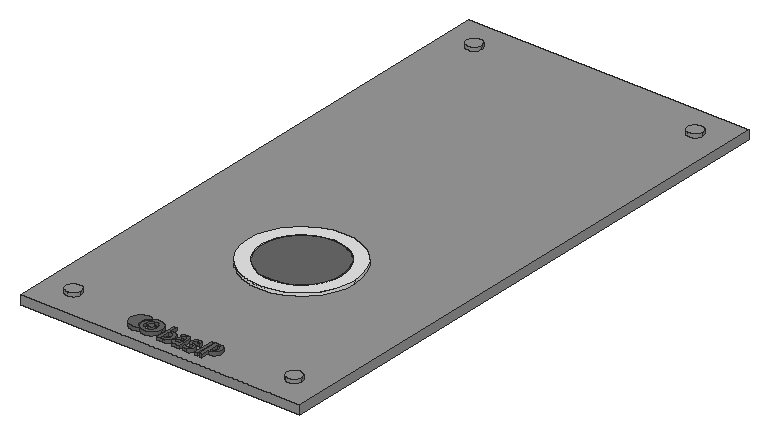
Revit family "SH-46T", category Устройства связи, Revit 2022
Family settings
  Размер круглого соединителя = Использовать диаметр
  Тип детали = Нормальный
  На основе рабочей плоскости = Да
  Всегда вертикально = Нет
  При загрузке вырезать с полостями = Нет
  Сохранять ориентацию аннотаций = Нет
  Общий = Да
  Точка принадлежности помещению = Нет
Parameters (values of type "SH-46T")
  Расстояние срабатывания = "До 15 - 25 см (в зависимости от внешних условий)"
  Емблеми/надписи = "Бесконтактный звонок с возможностью нанесения гравировки на лицевой панели"
  Дополнительно = "Возможность изменения (переключения) цвета подсветки, триггерный режим"
  Температурный режим = "-27 – +60 °C"
  Кронштейн для врезного монтажа = "Есть"
  Допустимая влажность = "10% – 94%"
  Корпус = "Алюминий"
  Степень защиты = "IP68"
  Default Elevation = 0 mm
  Описание = "BAS-IP SH-46T — беcконтактный дверной звонок для подключения к видео или аудио домофону"
  Размеры = "95×190×19,5 мм"
  Материал корпуса = Материал серый
  Цвет = "Black, Silver"
  Ресурс работы = "Более 100 миллионов нажатий"
  Изображение типоразмера = <Нет>
  Изготовитель = "BAS-IP"
  Тип кнопки = "Бесконтактная"
  Группа модели = "Кнопка звонка бесконтактная SH-46T"
  Напряжение питания = "+12В (+1%, - 15%)"
  URL = "https://www.bas-ip.ru"
  Email разработчика семейства = "lytvynchukartur@gmail.com"
  BIM library = "https://bimlib.ru/manufacturer/"
  ADSK_Размер_Ширина = 95 mm
  ADSK_Размер_Толщина = 19.5 mm
  ADSK_Размер_Длина = 190 mm
  ADSK_Примечание = ""
  ADSK_Полная мощность = 0.5 VA  # constant formula
  ADSK_Позиция = ""
  ADSK_Обозначение = ""
  ADSK_Номинальная мощность = 0.5 W
  ADSK_Напряжение = 12 V
  ADSK_Наименование краткое = "SH-46T"
  ADSK_Наименование = "Кнопка звонка бесконтактная SH-46T"
  ADSK_Масса_Текст = ""
  ADSK_Марка = "SH-46T"
  ADSK_Коэффициент мощности = 0.9
  ADSK_Количество фаз = 1
  ADSK_Код изделия = ""
  ADSK_Классификация нагрузок = Кнопка звонка бесконтактная
  ADSK_Зона = ""
  ADSK_Завод-изготовитель = "BAS-IP"
  ADSK_Единица измерения = "шт"
  ADSK_Версия Revit = "Revit 2020"  # constant formula
  ADSK_URL страницы изделия = "https://www.bas-ip.ru/sh-46t/"
  ADSK_URL документации изделия = "http://cdn.bas-ip.com/files/datasheets_ru/SH-46T_ru.pdf"
Reference planes
  plane 1 "По центру (Вперед/Назад)": y = 0
  plane 2: z = 0
  plane 3 "По центру (Влево/Вправо)": x = 0
Forms (mm)
  Extrusion 1, solid, material "Материал серый" <- "Материал корпуса", detail levels medium+fine
    sketch origin (933.615, -366.161, 72) x (1, 0, 0) y (0, 1, 0)
      loop
        line (-981.115, 461.161) -> (-981.115, 271.161) -> (-886.115, 271.161) -> (-886.115, 461.161) -> (-981.115, 461.161)
    from -72 to -69
  Extrusion 2, solid, material "Материал черный", detail levels medium+fine
    sketch origin (-346.937, 95.454, 76) x (1, 0, 0) y (0, 1, 0)
      loop
        line (355.91, -186.947) -> (356.876, -186.947) -> (356.876, -179.913) -> (355.91, -179.913) -> (355.91, -186.947)
      loop
        line (357.377, -186.947) -> (358.377, -186.947) -> (358.377, -184.451)
        arc (358.377, -184.451) -> (361.041, -182.66) -> (359.379, -179.913) r 2.326
        line (359.379, -179.913) -> (357.377, -179.913) -> (357.377, -186.947)
      loop
        arc (358.377, -183.451) -> (360.221, -182.217) -> (358.377, -180.983) r 1.335
        line (358.377, -180.983) -> (358.377, -183.451)
      loop
        line (342.946, -179.913) -> (342.946, -186.947) -> (344.968, -186.947)
        spline (344.968, -186.947) -> (345.634, -186.72) -> (346.221, -186.353) -> (346.689, -185.871) -> (347.005, -185.307) -> (347.148, -184.699) -> (347.109, -184.089) -> (346.89, -183.519) -> (346.506, -183.026) -> (345.984, -182.646) -> (345.358, -182.403) -> (344.672, -182.314) -> (343.972, -182.385)
        line (343.972, -182.385) -> (343.972, -179.913) -> (342.946, -179.913)
      loop
        line (343.972, -183.426) -> (343.972, -185.927) -> (345.157, -185.927)
        spline (345.157, -185.927) -> (345.542, -185.692) -> (345.86, -185.388) -> (346.09, -185.036) -> (346.217, -184.659) -> (346.23, -184.283) -> (346.13, -183.934) -> (345.923, -183.636) -> (345.624, -183.408) -> (345.252, -183.267) -> (344.834, -183.222) -> (344.397, -183.276) -> (343.972, -183.426)
      loop
        line (354.371, -183.077) -> (354.371, -182.08)
        arc (354.371, -182.08) -> (353.527, -181.636) -> (352.582, -181.765) r 1.562
        arc (352.582, -181.765) -> (351.902, -182.393) -> (351.698, -183.296) r 1.562
        arc (351.698, -183.296) -> (352.118, -184.311) -> (353.134, -184.732) r 1.436
        arc (353.134, -184.732) -> (353.678, -184.957) -> (353.903, -185.501) r 0.769
        arc (353.903, -185.501) -> (353.519, -186.167) -> (352.749, -186.167) r 0.769
        line (352.749, -186.167) -> (351.665, -185.976) -> (351.665, -186.777) -> (353.173, -187.043)
        arc (353.173, -187.043) -> (354.539, -185.977) -> (354.178, -184.282) r 1.634
        line (354.178, -184.282) -> (353.112, -183.956)
        arc (353.112, -183.956) -> (352.563, -183.005) -> (353.595, -182.629) r 0.717
        line (353.595, -182.629) -> (354.371, -183.077)
      loop
        line (350.666, -186.947) -> (350.666, -182.599)
        arc (350.666, -182.599) -> (349.304, -181.597) -> (347.682, -182.073) r 1.905
        arc (347.682, -182.073) -> (347.604, -182.585) -> (348.086, -182.774) r 0.415
        arc (348.086, -182.774) -> (349.009, -182.264) -> (349.931, -182.774) r 1.09
        line (349.931, -182.774) -> (349.931, -183.578) -> (348.501, -183.578)
        arc (348.501, -183.578) -> (347.388, -185.155) -> (348.105, -186.947) r 2.022
        line (348.105, -186.947) -> (350.666, -186.947)
      loop
        line (349.931, -185.927) -> (349.931, -184.364) -> (348.861, -184.364)
        arc (348.861, -184.364) -> (348.08, -185.146) -> (348.861, -185.927) r 0.781
        line (348.861, -185.927) -> (349.931, -185.927)
      loop
        spline (337.212, -183.2) -> (337.246, -183.454) -> (337.345, -183.691) -> (337.502, -183.894) -> (337.707, -184.05) -> (337.946, -184.149) -> (338.203, -184.182) -> (338.459, -184.149) -> (338.698, -184.05) -> (338.903, -183.894) -> (339.061, -183.691) -> (339.159, -183.454) -> (339.193, -183.2)
        spline (339.193, -183.2) -> (339.159, -182.946) -> (339.061, -182.709) -> (338.903, -182.505) -> (338.698, -182.349) -> (338.459, -182.251) -> (338.203, -182.218) -> (337.946, -182.251) -> (337.707, -182.349) -> (337.502, -182.505) -> (337.345, -182.709) -> (337.246, -182.946) -> (337.212, -183.2)
      loop
        spline (336.121, -183.2) -> (336.192, -183.734) -> (336.4, -184.232) -> (336.731, -184.659) -> (337.162, -184.987) -> (337.664, -185.193) -> (338.203, -185.264) -> (338.741, -185.193) -> (339.243, -184.987) -> (339.674, -184.659) -> (340.005, -184.232) -> (340.213, -183.734) -> (340.284, -183.2)
        spline (340.284, -183.2) -> (340.213, -182.666) -> (340.005, -182.168) -> (339.674, -181.741) -> (339.243, -181.413) -> (338.741, -181.206) -> (338.203, -181.136) -> (337.664, -181.206) -> (337.162, -181.413) -> (336.731, -181.741) -> (336.4, -182.168) -> (336.192, -182.666) -> (336.121, -183.2)
      loop
        spline (334.697, -183.2) -> (334.817, -184.089) -> (335.167, -184.917) -> (335.724, -185.628) -> (336.45, -186.173) -> (337.295, -186.516) -> (338.203, -186.633) -> (339.11, -186.516) -> (339.955, -186.173) -> (340.681, -185.628) -> (341.238, -184.917) -> (341.589, -184.089) -> (341.708, -183.2)
        spline (341.708, -183.2) -> (341.589, -182.311) -> (341.238, -181.483) -> (340.681, -180.772) -> (339.955, -180.226) -> (339.11, -179.883) -> (338.203, -179.766) -> (337.295, -179.883) -> (336.45, -180.226) -> (335.724, -180.772) -> (335.167, -181.483) -> (334.817, -182.311) -> (334.697, -183.2)
    from -73 to -72
  Extrusion 3, solid, material "Материал черный", detail levels medium+fine
    sketch origin (-358.225, 95.454, 76) x (1, 0, 0) y (0, 1, 0)
      loop
        spline (347.641, -186.117) -> (347.166, -185.77) -> (346.758, -185.35) -> (346.427, -184.869) -> (346.184, -184.34) -> (346.035, -183.778) -> (345.985, -183.2) -> (346.035, -182.622) -> (346.184, -182.06) -> (346.427, -181.531) -> (346.758, -181.05) -> (347.166, -180.63) -> (347.641, -180.283)
        spline (347.641, -180.283) -> (346.493, -179.836) -> (345.257, -179.807) -> (344.088, -180.199) -> (343.131, -180.965) -> (342.504, -182.008) -> (342.286, -183.2) -> (342.504, -184.391) -> (343.131, -185.435) -> (344.088, -186.201) -> (345.257, -186.593) -> (346.493, -186.564) -> (347.641, -186.117)
    from -73 to -72
  Extrusion 4, solid, material "Материал черный", detail levels medium+fine
    sketch origin (-354.354, 141.19, 76) x (1, 0, 0) y (0, 1, 0)
      loop
        circle (354.354, -176.19) r 13.5
    from -73 to -72
  Extrusion 5, solid, material "Материал серый", detail levels medium+fine
    sketch origin (-406.016, 17.496, 76) x (1, 0, 0) y (0, 1, 0)
      loop
        circle (368.516, -102.496) r 2.5
    from -73 to -72
  Extrusion 6, solid, material "Материал белый", detail levels medium+fine
    sketch origin (-370.695, -154.091, 76) x (1, 0, 0) y (0, 1, 0)
      loop
        circle (370.695, 119.091) r 13.5
      loop
        circle (370.695, 119.091) r 18
    from -73 to -72
  Extrusion 7, solid, material "Материал серый", detail levels medium+fine
    sketch origin (406.016, 17.496, 76) x (-1, 0, 0) y (0, -1, 0)
      loop
        circle (368.516, 102.496) r 2.5
    from -73 to -72
  Extrusion 8, solid, material "Материал серый", detail levels medium+fine
    sketch origin (-406.016, -17.496, 76) x (1, 0, 0) y (0, 1, 0)
      loop
        circle (368.516, 102.496) r 2.5
    from -73 to -72
  Extrusion 9, solid, material "Материал серый", detail levels medium+fine
    sketch origin (406.016, -17.496, 76) x (-1, 0, 0) y (0, -1, 0)
      loop
        circle (368.516, -102.496) r 2.5
    from -73 to -72
  Extrusion 10, solid, material "Материал серый" <- "Материал корпуса", detail levels medium+fine
    sketch origin (933.615, -366.161, 59.197) x (1, 0, 0) y (0, 1, 0)
      loop
        circle (-933.615, 331.161) r 20
    from -75.697 to -59.197
Dimensions and locks
  aligned and locked: level to plane 2
Connectors
  electrical at (5.093, -35.252, -16.5)
    settings: on Extrusion 10, index 2, voltage 0 V, apparent load 0 VA, apparent load phase1 0 VA, apparent load phase2 0 VA, apparent load phase3 0 VA, power factor 1, load classification "Прочее", number of poles 1, system type 13, power factor state 1, is connector primary yes, connector utility no, sub classification motor no, connector description ""
  electrical at (-4.907, -35.252, -16.5)
    settings: on Extrusion 10, index 3, voltage 0 V, apparent load 0 VA, apparent load phase1 0 VA, apparent load phase2 0 VA, apparent load phase3 0 VA, power factor 1, load classification "Прочее", number of poles 1, system type 5, power factor state 1, is connector primary no, connector utility no, sub classification motor no, connector description ""
  electrical at (0, -35, -16.5)
    settings: on Extrusion 10, index 4, voltage 12 V, apparent load 0 VA, apparent load phase1 0 VA, apparent load phase2 0 VA, apparent load phase3 0 VA, power factor 1, load classification "Кнопка звонка бесконтактная", number of poles 1, system type 30, power factor state 1, is connector primary no, connector utility no, sub classification motor no, connector description ""
